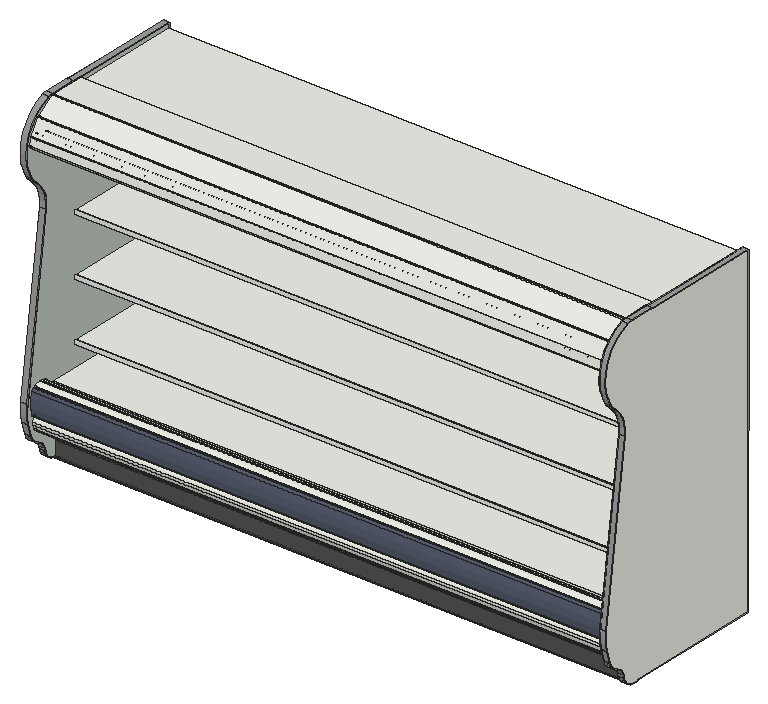
Revit family "ID5SL_2014", category Specialty Equipment, Revit 2014 (continued)
Definition of nested family "Floor Support-Side Skid-ID5SL"
  Automatic sketch dimensions
    plane 1 "Back" to Extrusion 3 sketch curve = 0.19117"
    Extrusion 3 sketch curve to Extrusion 3 sketch curve = 0.0047"
    Extrusion 3 sketch curve to Extrusion 3 sketch curve = 0.06706"
    Extrusion 3 sketch curve to plane 4 "Right" = 0.36615"  (x2)
    Extrusion 3 sketch curve to plane 4 "Right" = 0.11639"  (x4)
    Extrusion 3 sketch curve to plane 4 "Right" = 0.0601"
    Extrusion 3 sketch curve to plane 4 "Right" = 0.00078"
    plane 4 "Right" to Extrusion 3 sketch curve = 1.19698"  (x4)
    Extrusion 3 sketch curve to Extrusion 3 sketch curve = 0.49951"  (x6)
    plane 4 "Right" to Extrusion 3 sketch curve = 2.82709"
    Extrusion 3 sketch curve to Extrusion 3 sketch curve = 0.15297"
    plane 5 "Front" to Extrusion 3 sketch curve = 0.15297"
    Extrusion 3 sketch curve to Extrusion 3 sketch curve = 4.87073"
    Extrusion 3 sketch curve to Extrusion 3 sketch curve = 0.05106"
    Extrusion 3 sketch curve to Extrusion 3 sketch curve = 1.44832"
    Extrusion 3 sketch curve to Extrusion 3 sketch curve = 5.13448"
    Extrusion 3 sketch curve to Extrusion 3 sketch curve = 0.24975"  (x3)
    Extrusion 3 sketch curve to Extrusion 3 sketch curve = 1.00176"  (x2)
    Extrusion 3 sketch curve to Extrusion 3 sketch curve = 10.06759"
    plane 1 "Back" to Extrusion 3 sketch curve = 0.4164"
    Extrusion 3 sketch curve to Extrusion 3 sketch curve = 0.06179"
    Extrusion 3 sketch curve to Extrusion 3 sketch curve = 0.31696"
    Extrusion 3 sketch curve to Extrusion 3 sketch curve = 0.1878"
    Extrusion 3 sketch curve to Extrusion 3 sketch curve = 0.00479"
    Extrusion 3 sketch curve to Extrusion 3 sketch curve = 0.04521"
    Extrusion 3 sketch curve to Extrusion 3 sketch curve = 0.2504"
    Extrusion 3 sketch curve to Extrusion 3 sketch curve = 0.00091"
    Extrusion 3 sketch curve to plane 4 "Right" = 0.11571"  (x4)
    Extrusion 3 sketch curve to plane 4 "Right" = 0.10825"
    Extrusion 3 sketch curve to Extrusion 3 sketch curve = 0.06226"
    plane 4 "Right" to Extrusion 3 sketch curve = 0.06162"  (x4)
    plane 4 "Right" to Extrusion 3 sketch curve = 0.84094"  (x2)
    Extrusion 3 sketch curve to Extrusion 3 sketch curve = 0"  (x3)
    Extrusion 3 sketch curve to Extrusion 3 sketch curve = 0.00137"  (x3)
    Extrusion 3 sketch curve to Extrusion 3 sketch curve = 0.50088"
    Extrusion 3 sketch curve to Extrusion 3 sketch curve = 0.25044"
    Extrusion 3 sketch curve to Extrusion 3 sketch curve = 0.00004"
Definition of nested family "Shelf"
  Parameters (values of type "Shelf")
    Width = 24"
    URL = "www.hussmann.com"
    Type Comments = "Shelf"
    Shelves = Sheet Metal (Steel Painted) - 700 Interior White
    Model = ""
    Manufacturer = "Hussmann Corporation"
    Height = 5"
    Description = ""
    Depth = 20"
    Assembly Code = ""
    Accessories/Options = ""
  Reference planes (in)
    plane 1 "Back": y = 0
    plane 2 "Bottom": z = 0
    plane 3 "Left": x = -77.30699
    plane 4 "Right": x = -53.30699
    plane 5 "Front": y = -20
    plane 6 "Center (Left/Right)": x = -65.30699
    plane 7: z = 5
  Forms (in)
    Extrusion 1, solid, material "Sheet Metal (Steel Painted) - 700 Interior White" <- "Shelves"
      sketch origin (-77.30699, 7.75, -64.26162) x (0, 1, 0) y (0, 0, 1)
        loop
          line (-7.75, 64.26162) -> (-7.75, 68.01162) -> (-8.5, 68.01162) -> (-8.5, 69.01162) -> (-27.5, 69.01162) -> (-27.5, 69.26162) -> (-27.75, 69.26162) -> (-27.75, 68.26162) -> (-27.5, 68.26162) -> (-27.5, 68.76162) -> (-26, 68.76162) -> (-26, 68.51162) -> (-13.81963, 68.51162) -> (-7.75, 64.26162)
      from 0 to 24
  Dimensions and locks (in)
    "Width": plane 4 "Right" to plane 3 "Left"
    equal spacing: plane 4 "Right", plane 6 "Center (Left/Right)", plane 3 "Left"
    "Depth": plane 1 "Back" to plane 5 "Front"
    "Height": level to plane 7
    aligned and locked: Extrusion 1 to plane 3 "Left"
    aligned and locked: plane 4 "Right" to Extrusion 1
  Automatic sketch dimensions
    Extrusion 1 sketch curve to plane 5 "Front" = 0"
    Extrusion 1 sketch curve to plane 1 "Back" = 0"
    plane 5 "Front" to Extrusion 1 sketch curve = 1/4"  (x2)
    Extrusion 1 sketch curve to Extrusion 1 sketch curve = 1 1/2"
    plane 1 "Back" to Extrusion 1 sketch curve = 6.06963"
    plane 1 "Back" to Extrusion 1 sketch curve = 3/4"
    Extrusion 1 sketch curve to Extrusion 1 sketch curve = 3 3/4"
    Extrusion 1 sketch curve to Extrusion 1 sketch curve = 1/2"  (x2)
    Extrusion 1 sketch curve to Extrusion 1 sketch curve = 1"
    Extrusion 1 sketch curve to Extrusion 1 sketch curve = 1/4"
    Extrusion 1 sketch curve to Extrusion 1 sketch curve = 3/4"
    Extrusion 1 sketch curve to level = 0"
Definition of nested family "Light"
  Parameters (values of type "Light")
    Wattage = 16.1571 W
    built-in parameter 1150110 = 1 (stored number, unit not read)
    built-in parameter 1114217 = 1 (stored number, unit not read)
    built-in parameter 1150109 = 1 (stored number, unit not read)
    built-in parameter 1150134 = (empty or 0)
    built-in parameter 1150113 = 1 (stored number, unit not read)
    Lumens = 2400 lm
    built-in parameter 1150115 = 1 (stored number, unit not read)
    built-in parameter 1150105 = 763.94 (stored number, unit not read)
    Light Source Symbol Size = 24"
    built-in parameter 1150137 = (empty or 0)
    built-in parameter 1150139 = (empty or 0)
    Lense = none
    Length = 144 1/2"
    built-in parameter 1150112 = 1 (stored number, unit not read)
    built-in parameter 1150114 = 1 (stored number, unit not read)
    built-in parameter 1150132 = 2
    built-in parameter 1150102 = (empty or 0)
    built-in parameter 1150138 = (empty or 0)
    built-in parameter 1150107 = 6100 (stored number, unit not read)
    built-in parameter 1150106 = 7.6394 (stored number, unit not read)
    Emit from Line Length = Length  # 144 1/2"
    built-in parameter 1150104 = 13.8 (stored number, unit not read)
    Dimming Lamp Color Temperature Shift = (empty or 0)
    Color Filter = 16777215
    Casing = none
    built-in parameter 1114218 = 1 (stored number, unit not read)
    built-in parameter 1150133 = 10 (stored number, unit not read)
  Reference planes (in)
    plane 1 "Light Source Axis (F/B)": y = -8.60801
    plane 2: z = 0
    plane 3 "Light Source Axis (L/R)": x = 0
    plane 4 "Light Source Elevation": z = 52.5
    plane 5: z = 0
    plane 6 "Left": x = -72.25
    plane 7 "Right": x = 72.25
  Lines and regions (in)
    model lines
      curve 1: line (-72.25, -8.60801, 52.5) -> (72.25, -8.60801, 52.5)
  Dimensions and locks (in)
    equal spacing: plane 7 "Right", plane 3 "Light Source Axis (L/R)", plane 6 "Left"
    "Length": plane 7 "Right" to plane 6 "Left"
    aligned and locked: plane 3 "Light Source Axis (L/R)" to imposter light
    aligned and locked: plane 1 "Light Source Axis (F/B)" to imposter light
    aligned and locked: plane 4 "Light Source Elevation" to imposter light
    aligned and locked: level to plane 5
  Automatic sketch dimensions
    plane 1 "Light Source Axis (F/B)" to curve 1 = 0"
    curve 1 to plane 6 "Left" = 0"
    curve 1 to plane 7 "Right" = 0"
Types (4): name | Width | Waste Outlet Location | Total Weight | Supports | Center Support 2 | Center Support 1 | Case Weight
  12'-0" Length | 144 3/8" | 72 3/16" | 1300.00 lbf | yes | no | no | 1100.00 lbf
  8'-0" Length | 96 1/4" | 24 1/8" | 1200.00 lbf | no | no | yes | 1000.00 lbf
  6'-0" Length | 72 1/4" | 24 1/8" | 1050.00 lbf | no | yes | no | 850.00 lbf
  4'-0" Length | 48 1/8" | 24 1/8" | 900.00 lbf | no | no | no | 700.00 lbf
